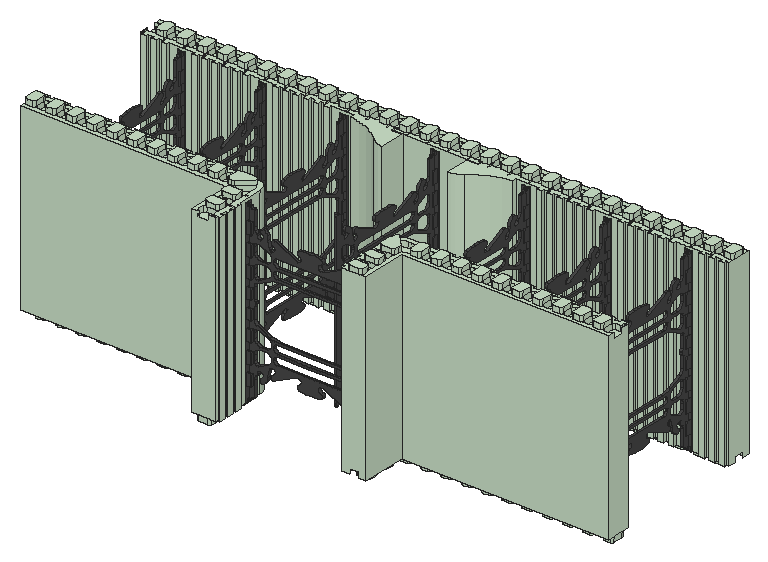
Revit family (continued)
Forms (mm)
  Extrusion 109, void
    sketch origin (-914.368, -0.023, 0) x (0, -1, 0) y (1, 0, 0)
      loop
        arc (-130.453, 639.396) -> (-128.147, 636.215) -> (-124.411, 635) r 6.35
        line (-124.411, 635) -> (-101.014, 635)
        arc (-101.014, 635) -> (-97.278, 636.215) -> (-94.972, 639.396) r 6.35
        arc (-94.972, 639.396) -> (-93.737, 645.691) -> (-94.024, 652.1) r 26.988
        arc (-94.024, 652.1) -> (-93.668, 653.385) -> (-92.457, 653.946) r 1.588
        line (-92.457, 653.946) -> (-86.829, 653.946) -> (-86.829, 658.285) -> (-95.62, 658.285)
        arc (-95.62, 658.285) -> (-96.199, 658.394) -> (-96.698, 658.708) r 1.588
        arc (-96.698, 658.708) -> (-98.696, 659.961) -> (-101.014, 660.4) r 6.35
        line (-101.014, 660.4) -> (-124.411, 660.4)
        arc (-124.411, 660.4) -> (-128.147, 659.184) -> (-130.453, 656.003) r 6.35
        arc (-130.453, 656.003) -> (-131.763, 647.7) -> (-130.453, 639.396) r 26.987
    from 0 to 12.7
  Extrusion 110, void
    sketch origin (1320.831, -0.023, 0) x (0, -1, 0) y (1, 0, 0)
      loop
        arc (-130.453, -639.396) -> (-131.763, -647.7) -> (-130.453, -656.003) r 26.987
        arc (-130.453, -656.003) -> (-128.147, -659.184) -> (-124.411, -660.4) r 6.35
        line (-124.411, -660.4) -> (-101.014, -660.4)
        arc (-101.014, -660.4) -> (-98.696, -659.961) -> (-96.698, -658.708) r 6.35
        arc (-96.698, -658.708) -> (-96.199, -658.394) -> (-95.62, -658.285) r 1.588
        line (-95.62, -658.285) -> (-86.829, -658.285) -> (-86.829, -653.946) -> (-92.457, -653.946)
        arc (-92.457, -653.946) -> (-93.668, -653.385) -> (-94.024, -652.1) r 1.588
        arc (-94.024, -652.1) -> (-93.737, -645.691) -> (-94.972, -639.396) r 26.988
        arc (-94.972, -639.396) -> (-97.278, -636.215) -> (-101.014, -635) r 6.35
        line (-101.014, -635) -> (-124.411, -635)
        arc (-124.411, -635) -> (-128.147, -636.215) -> (-130.453, -639.396) r 6.35
    from 457.2 to 444.5
  Extrusion 111, void
    sketch origin (50.832, -0.023, 0) x (0, -1, 0) y (1, 0, 0)
      loop
        arc (-130.453, 639.396) -> (-128.147, 636.215) -> (-124.411, 635) r 6.35
        line (-124.411, 635) -> (-101.014, 635)
        arc (-101.014, 635) -> (-97.278, 636.215) -> (-94.972, 639.396) r 6.35
        arc (-94.972, 639.396) -> (-93.737, 645.691) -> (-94.024, 652.1) r 26.988
        arc (-94.024, 652.1) -> (-93.668, 653.385) -> (-92.457, 653.946) r 1.588
        line (-92.457, 653.946) -> (-86.829, 653.946) -> (-86.829, 658.285) -> (-95.62, 658.285)
        arc (-95.62, 658.285) -> (-96.199, 658.394) -> (-96.698, 658.708) r 1.588
        arc (-96.698, 658.708) -> (-98.696, 659.962) -> (-101.014, 660.4) r 6.35
        line (-101.014, 660.4) -> (-124.411, 660.4)
        arc (-124.411, 660.4) -> (-128.147, 659.184) -> (-130.453, 656.003) r 6.35
        arc (-130.453, 656.003) -> (-131.763, 647.7) -> (-130.453, 639.396) r 26.987
    from 0 to 12.7
  Extrusion 112, solid, material "NUDURA Expanded Polystyrene Foam Insulation"
    sketch origin (0.032, -0.022, 0) x (1, 0, 0) y (0, 1, 0)
      loop
        line (184.15, 142.939) -> (-31.75, 142.939) -> (-31.75, 131.479) -> (-25.4, 133.18) -> (-25.4, 117.763) -> (-31.75, 119.346) -> (-31.75, 106.079) -> (-25.4, 107.78) -> (-25.4, 92.363) -> (-31.75, 93.946) -> (-31.75, 82.55) -> (184.15, 82.55) -> (184.15, 93.946) -> (177.8, 92.363) -> (177.8, 107.78) -> (184.15, 106.079) -> (184.15, 119.346) -> (177.8, 117.763) -> (177.8, 133.18) -> (184.15, 131.479) -> (184.15, 142.939)
    from 0 to 457.2
  Extrusion 113, void
    sketch origin (1371.631, -0.023, 0) x (0, -1, 0) y (1, 0, 0)
      loop
        arc (-130.453, -639.396) -> (-131.763, -647.7) -> (-130.453, -656.003) r 26.987
        arc (-130.453, -656.003) -> (-128.147, -659.184) -> (-124.411, -660.4) r 6.35
        line (-124.411, -660.4) -> (-101.014, -660.4)
        arc (-101.014, -660.4) -> (-98.696, -659.961) -> (-96.698, -658.708) r 6.35
        arc (-96.698, -658.708) -> (-96.199, -658.394) -> (-95.62, -658.285) r 1.588
        line (-95.62, -658.285) -> (-86.829, -658.285) -> (-86.829, -653.946) -> (-92.457, -653.946)
        arc (-92.457, -653.946) -> (-93.668, -653.385) -> (-94.024, -652.1) r 1.588
        arc (-94.024, -652.1) -> (-93.737, -645.691) -> (-94.972, -639.396) r 26.988
        arc (-94.972, -639.396) -> (-97.278, -636.215) -> (-101.014, -635) r 6.35
        line (-101.014, -635) -> (-124.411, -635)
        arc (-124.411, -635) -> (-128.147, -636.215) -> (-130.453, -639.396) r 6.35
    from 457.2 to 444.5
  Extrusion 114, void
    sketch origin (101.632, -0.023, 0) x (0, -1, 0) y (1, 0, 0)
      loop
        arc (-130.453, 639.396) -> (-128.147, 636.215) -> (-124.411, 635) r 6.35
        line (-124.411, 635) -> (-101.014, 635)
        arc (-101.014, 635) -> (-97.278, 636.215) -> (-94.972, 639.396) r 6.35
        arc (-94.972, 639.396) -> (-93.737, 645.691) -> (-94.024, 652.1) r 26.988
        arc (-94.024, 652.1) -> (-93.668, 653.385) -> (-92.457, 653.946) r 1.588
        line (-92.457, 653.946) -> (-86.829, 653.946) -> (-86.829, 658.285) -> (-95.62, 658.285)
        arc (-95.62, 658.285) -> (-96.199, 658.394) -> (-96.698, 658.708) r 1.588
        arc (-96.698, 658.708) -> (-98.696, 659.962) -> (-101.014, 660.4) r 6.35
        line (-101.014, 660.4) -> (-124.411, 660.4)
        arc (-124.411, 660.4) -> (-128.147, 659.184) -> (-130.453, 656.003) r 6.35
        arc (-130.453, 656.003) -> (-131.763, 647.7) -> (-130.453, 639.396) r 26.987
    from 0 to 12.7
  Extrusion 115, void
    sketch origin (1422.431, -0.023, 0) x (0, -1, 0) y (1, 0, 0)
      loop
        arc (-130.453, -639.396) -> (-131.763, -647.7) -> (-130.453, -656.003) r 26.987
        arc (-130.453, -656.003) -> (-128.147, -659.184) -> (-124.411, -660.4) r 6.35
        line (-124.411, -660.4) -> (-101.014, -660.4)
        arc (-101.014, -660.4) -> (-98.696, -659.961) -> (-96.698, -658.708) r 6.35
        arc (-96.698, -658.708) -> (-96.199, -658.394) -> (-95.62, -658.285) r 1.588
        line (-95.62, -658.285) -> (-86.829, -658.285) -> (-86.829, -653.946) -> (-92.457, -653.946)
        arc (-92.457, -653.946) -> (-93.668, -653.385) -> (-94.024, -652.1) r 1.588
        arc (-94.024, -652.1) -> (-93.737, -645.691) -> (-94.972, -639.396) r 26.988
        arc (-94.972, -639.396) -> (-97.278, -636.215) -> (-101.014, -635) r 6.35
        line (-101.014, -635) -> (-124.411, -635)
        arc (-124.411, -635) -> (-128.147, -636.215) -> (-130.453, -639.396) r 6.35
    from 457.2 to 444.5
  Extrusion 116, void
    sketch origin (152.432, -0.023, 0) x (0, -1, 0) y (1, 0, 0)
      loop
        arc (-130.453, 639.396) -> (-128.147, 636.215) -> (-124.411, 635) r 6.35
        line (-124.411, 635) -> (-101.014, 635)
        arc (-101.014, 635) -> (-97.278, 636.215) -> (-94.972, 639.396) r 6.35
        arc (-94.972, 639.396) -> (-93.737, 645.691) -> (-94.024, 652.1) r 26.988
        arc (-94.024, 652.1) -> (-93.668, 653.385) -> (-92.457, 653.946) r 1.588
        line (-92.457, 653.946) -> (-86.829, 653.946) -> (-86.829, 658.285) -> (-95.62, 658.285)
        arc (-95.62, 658.285) -> (-96.199, 658.394) -> (-96.698, 658.708) r 1.588
        arc (-96.698, 658.708) -> (-98.696, 659.962) -> (-101.014, 660.4) r 6.35
        line (-101.014, 660.4) -> (-124.411, 660.4)
        arc (-124.411, 660.4) -> (-128.147, 659.184) -> (-130.453, 656.003) r 6.35
        arc (-130.453, 656.003) -> (-131.763, 647.7) -> (-130.453, 639.396) r 26.987
    from 0 to 12.7
  Extrusion 117, void
    sketch origin (609.631, -0.023, 0) x (0, -1, 0) y (1, 0, 0)
      loop
        arc (-130.453, -639.396) -> (-131.763, -647.7) -> (-130.453, -656.003) r 26.987
        arc (-130.453, -656.003) -> (-128.147, -659.184) -> (-124.411, -660.4) r 6.35
        line (-124.411, -660.4) -> (-101.014, -660.4)
        arc (-101.014, -660.4) -> (-98.696, -659.961) -> (-96.698, -658.708) r 6.35
        arc (-96.698, -658.708) -> (-96.199, -658.394) -> (-95.62, -658.285) r 1.588
        line (-95.62, -658.285) -> (-86.829, -658.285) -> (-86.829, -653.946) -> (-92.457, -653.946)
        arc (-92.457, -653.946) -> (-93.668, -653.385) -> (-94.024, -652.1) r 1.588
        arc (-94.024, -652.1) -> (-93.737, -645.691) -> (-94.972, -639.396) r 26.988
        arc (-94.972, -639.396) -> (-97.278, -636.215) -> (-101.014, -635) r 6.35
        line (-101.014, -635) -> (-124.411, -635)
        arc (-124.411, -635) -> (-128.147, -636.215) -> (-130.453, -639.396) r 6.35
    from 457.2 to 444.5
Cuts and joins
  Extrusion 2, Extrusion 3, Extrusion 4, Extrusion 5, Extrusion 6, Extrusion 7, Extrusion 8, Extrusion 9, Extrusion 10, Extrusion 11, Extrusion 12, Extrusion 13, Extrusion 14, Extrusion 15, Extrusion 16, Extrusion 17, Extrusion 18, Extrusion 19, Extrusion 20, Extrusion 21, Extrusion 22, Extrusion 23, Extrusion 24, Extrusion 25, Extrusion 31, Extrusion 32, Extrusion 33, Extrusion 34, Extrusion 35, Extrusion 40, Extrusion 41, Extrusion 46, Extrusion 47, Extrusion 48, Extrusion 49, Extrusion 50, Extrusion 51, Extrusion 52, Extrusion 53, Extrusion 54, Extrusion 55, Extrusion 56, Extrusion 57, Extrusion 58, Extrusion 59, Extrusion 60, Extrusion 61, Extrusion 62, Extrusion 63, Extrusion 64, Extrusion 65, Extrusion 66, Extrusion 67, Extrusion 68, Extrusion 69, Extrusion 70, Extrusion 71, Extrusion 72, Extrusion 73, Extrusion 74, Extrusion 75, Extrusion 76, Extrusion 77, Extrusion 78, Extrusion 79, Extrusion 80, Extrusion 81, Extrusion 82, Extrusion 83, Extrusion 84, Extrusion 85, Extrusion 86, Extrusion 87, Extrusion 88, Extrusion 89, Extrusion 90, Extrusion 91, Extrusion 92, Extrusion 93, Extrusion 94, Extrusion 95, Extrusion 96, Extrusion 97, Extrusion 98, Extrusion 99, Extrusion 100, Extrusion 101, Extrusion 102, Extrusion 103, Extrusion 104, Extrusion 105, Extrusion 106, Extrusion 107, Extrusion 108, Extrusion 109, Extrusion 110, Extrusion 111, Extrusion 113, Extrusion 114, Extrusion 115, Extrusion 116, Extrusion 117 cuts Extrusion 1
  Extrusion 4 cuts Extrusion 43
  Extrusion 8 cuts Extrusion 44
  Extrusion 13 cuts Extrusion 42
  Extrusion 19 cuts Extrusion 45
  Extrusion 26, Extrusion 27, Extrusion 28, Extrusion 29, Extrusion 30, Extrusion 36, Extrusion 37, Extrusion 38, Extrusion 39 cuts Extrusion 112
Lines and regions (mm)
  model lines
    curve 1: line (-50.768, 142.917, 0) -> (-50.768, 142.917, 457.2)
Dimensions and locks
  aligned and locked: level to plane 2
  aligned and locked: Extrusion 1 to level
  aligned and locked: nested 40 to nested 41
  aligned and locked: nested 108 to nested 40
  aligned and locked: nested 113 to nested 110
Nested families
  nested 1: "Interlock Tooth" at (152.432, -406.422, 0) x (0, 1, 0) z (0, 0, 1), type "Interlock Tooth"
  nested 2: "Interlock Tooth" at (152.432, -355.622, 0) x (0, 1, 0) z (0, 0, 1), type "Interlock Tooth"
  nested 3: "Interlock Tooth" at (0.032, -381.022, 0) x (0, 1, 0) z (0, 0, 1), type "Interlock Tooth"
  nested 4: "Interlock Tooth" at (0.032, -330.222, 0) x (0, 1, 0) z (0, 0, 1), type "Interlock Tooth"
  nested 5: "Interlock Tooth" at (-253.968, -152.422, 0), type "Interlock Tooth"
  nested 6: "Interlock Tooth" at (-203.168, -152.422, 0), type "Interlock Tooth"
  nested 7: "Interlock Tooth" at (304.832, -152.422, 0), type "Interlock Tooth"
  nested 8: "Interlock Tooth" at (355.632, -152.422, 0), type "Interlock Tooth"
  nested 9: "Interlock Tooth" at (-228.568, -152.422, -469.9), type "Interlock Tooth"
  nested 10: "Interlock Tooth" at (-177.768, -152.422, -469.9), type "Interlock Tooth"
  nested 11: "Interlock Tooth" at (381.032, -152.422, -469.9), type "Interlock Tooth"
  nested 12: "Interlock Tooth" at (330.232, -152.422, -469.9), type "Interlock Tooth"
  nested 13: "Interlock Tooth" at (0.032, -381.022, -469.9) x (0, -1, 0) z (0, 0, 1), type "Interlock Tooth"
  nested 14: "Interlock Tooth" at (0.032, -330.222, -469.9) x (0, -1, 0) z (0, 0, 1), type "Interlock Tooth"
  nested 15: "Interlock Tooth" at (152.432, -381.022, -469.9) x (0, 1, 0) z (0, 0, 1), type "Interlock Tooth"
  nested 16: "Interlock Tooth" at (152.432, -330.222, -469.9) x (0, 1, 0) z (0, 0, 1), type "Interlock Tooth"
  nested 17: "Interlock Tooth" at (-203.168, -0.023, 0) x (-1, 0, 0) z (0, 0, 1), type "Interlock Tooth"
  nested 18: "Interlock Tooth" at (-228.568, -0.023, -469.9) x (-1, 0, 0) z (0, 0, 1), type "Interlock Tooth"
  nested 19: "Interlock Tooth" at (-152.368, -0.023, 0) x (-1, 0, 0) z (0, 0, 1), type "Interlock Tooth"
  nested 20: "Interlock Tooth" at (-177.768, -0.023, -469.9) x (-1, 0, 0) z (0, 0, 1), type "Interlock Tooth"
  nested 21: "Interlock Tooth" at (-101.568, -0.023, 0) x (-1, 0, 0) z (0, 0, 1), type "Interlock Tooth"
  nested 22: "Interlock Tooth" at (-126.968, -0.023, -469.9) x (-1, 0, 0) z (0, 0, 1), type "Interlock Tooth"
  nested 23: "Interlock Tooth" at (-50.768, -0.023, 0) x (-1, 0, 0) z (0, 0, 1), type "Interlock Tooth"
  nested 24: "Interlock Tooth" at (-76.168, -0.023, -469.9) x (-1, 0, 0) z (0, 0, 1), type "Interlock Tooth"
  nested 25: "Interlock Tooth" at (0.032, -0.023, 0) x (-1, 0, 0) z (0, 0, 1), type "Interlock Tooth"
  nested 26: "Interlock Tooth" at (-25.368, -0.023, -469.9) x (-1, 0, 0) z (0, 0, 1), type "Interlock Tooth"
  nested 27: "Interlock Tooth" at (50.832, -0.023, 0) x (-1, 0, 0) z (0, 0, 1), type "Interlock Tooth"
  nested 28: "Interlock Tooth" at (25.432, -0.023, -469.9) x (-1, 0, 0) z (0, 0, 1), type "Interlock Tooth"
  nested 29: "Interlock Tooth" at (101.632, -0.023, 0) x (-1, 0, 0) z (0, 0, 1), type "Interlock Tooth"
  nested 30: "Interlock Tooth" at (76.232, -0.023, -469.9) x (-1, 0, 0) z (0, 0, 1), type "Interlock Tooth"
  nested 31: "Interlock Tooth" at (152.432, -0.023, 0) x (-1, 0, 0) z (0, 0, 1), type "Interlock Tooth"
  nested 32: "Interlock Tooth" at (127.032, -0.023, -469.9) x (-1, 0, 0) z (0, 0, 1), type "Interlock Tooth"
  nested 33: "Interlock Tooth" at (203.232, -0.023, 0) x (-1, 0, 0) z (0, 0, 1), type "Interlock Tooth"
  nested 34: "Interlock Tooth" at (177.832, -0.023, -469.9) x (-1, 0, 0) z (0, 0, 1), type "Interlock Tooth"
  nested 35: "Interlock Tooth" at (254.032, -0.023, 0) x (-1, 0, 0) z (0, 0, 1), type "Interlock Tooth"
  nested 36: "Interlock Tooth" at (228.632, -0.023, -469.9) x (-1, 0, 0) z (0, 0, 1), type "Interlock Tooth"
  nested 37: "NUDURA Diamond Pattern Missing Two Lines" at (-285.718, -406.422, 0) x (0, 1, 0) z (0, 0, 1), type "NUDURA Diamond Pattern minus Two lines"
  nested 38: "NUDURA Diamond Pattern Missing Two Lines" at (-253.968, -152.422, 0), type "NUDURA Diamond Pattern minus Two lines"
  nested 39: "NUDURA Diamond Pattern Missing Two Lines" at (152.432, -406.422, 0) x (0, 1, 0) z (0, 0, 1), type "NUDURA Diamond Pattern minus Two lines"
  nested 40: "NUDURA Logo Diamond" at (609.567, 142.917, 0) x (-1, 0, 0) z (0, 0, 1), type "NUDURA Logo Diamond"
  nested 41: "NUDURA Logo Diamond" at (152.367, 142.917, 0) x (-1, 0, 0) z (0, 0, 1), type "NUDURA Logo Diamond"
  nested 42: "Interlock Tooth" at (-406.368, -0.023, 0) x (-1, 0, 0) z (0, 0, 1), type "Interlock Tooth"
  nested 43: "Interlock Tooth" at (-355.568, -0.023, 0) x (-1, 0, 0) z (0, 0, 1), type "Interlock Tooth"
  nested 44: "Interlock Tooth" at (-304.768, -0.023, 0) x (-1, 0, 0) z (0, 0, 1), type "Interlock Tooth"
  nested 45: "Interlock Tooth" at (-253.968, -0.023, 0) x (-1, 0, 0) z (0, 0, 1), type "Interlock Tooth"
  nested 46: "Interlock Tooth" at (-457.168, -0.023, 0) x (-1, 0, 0) z (0, 0, 1), type "Interlock Tooth"
  nested 47: "Interlock Tooth" at (-609.568, -0.023, 0) x (-1, 0, 0) z (0, 0, 1), type "Interlock Tooth"
  nested 48: "Interlock Tooth" at (-558.768, -0.023, 0) x (-1, 0, 0) z (0, 0, 1), type "Interlock Tooth"
  nested 49: "Interlock Tooth" at (-507.968, -0.023, 0) x (-1, 0, 0) z (0, 0, 1), type "Interlock Tooth"
  nested 50: "Interlock Tooth" at (-355.568, -152.422, 0), type "Interlock Tooth"
  nested 51: "Interlock Tooth" at (-304.768, -152.422, 0), type "Interlock Tooth"
  nested 52: "Interlock Tooth" at (-457.168, -152.422, 0), type "Interlock Tooth"
  nested 53: "Interlock Tooth" at (-406.368, -152.422, 0), type "Interlock Tooth"
  nested 54: "Interlock Tooth" at (-558.768, -152.422, 0), type "Interlock Tooth"
  nested 55: "Interlock Tooth" at (-507.968, -152.422, 0), type "Interlock Tooth"
  nested 56: "Interlock Tooth" at (-660.368, -152.422, 0), type "Interlock Tooth"
  nested 57: "Interlock Tooth" at (-609.568, -152.422, 0), type "Interlock Tooth"
  nested 58: "Interlock Tooth" at (406.432, -152.422, 0), type "Interlock Tooth"
  nested 59: "Interlock Tooth" at (457.232, -152.422, 0), type "Interlock Tooth"
  nested 60: "Interlock Tooth" at (508.032, -152.422, 0), type "Interlock Tooth"
  nested 61: "Interlock Tooth" at (558.832, -152.422, 0), type "Interlock Tooth"
  nested 62: "Interlock Tooth" at (609.632, -152.422, 0), type "Interlock Tooth"
  nested 63: "Interlock Tooth" at (660.432, -152.422, 0), type "Interlock Tooth"
  nested 64: "Interlock Tooth" at (711.232, -152.422, 0), type "Interlock Tooth"
  nested 65: "Interlock Tooth" at (762.032, -152.422, 0), type "Interlock Tooth"
  nested 66: "Interlock Tooth" at (355.632, -0.023, 0) x (-1, 0, 0) z (0, 0, 1), type "Interlock Tooth"
  nested 67: "Interlock Tooth" at (406.432, -0.023, 0) x (-1, 0, 0) z (0, 0, 1), type "Interlock Tooth"
  nested 68: "Interlock Tooth" at (457.232, -0.023, 0) x (-1, 0, 0) z (0, 0, 1), type "Interlock Tooth"
  nested 69: "Interlock Tooth" at (508.032, -0.023, 0) x (-1, 0, 0) z (0, 0, 1), type "Interlock Tooth"
  nested 70: "Interlock Tooth" at (558.832, -0.023, 0) x (-1, 0, 0) z (0, 0, 1), type "Interlock Tooth"
  nested 71: "Interlock Tooth" at (609.632, -0.023, 0) x (-1, 0, 0) z (0, 0, 1), type "Interlock Tooth"
  nested 72: "Interlock Tooth" at (660.432, -0.023, 0) x (-1, 0, 0) z (0, 0, 1), type "Interlock Tooth"
  nested 73: "Interlock Tooth" at (304.832, -0.023, 0) x (-1, 0, 0) z (0, 0, 1), type "Interlock Tooth"
  nested 74: "Interlock Tooth" at (-330.168, -152.422, -469.9), type "Interlock Tooth"
  nested 75: "Interlock Tooth" at (-279.368, -152.422, -469.9), type "Interlock Tooth"
  nested 76: "Interlock Tooth" at (-431.768, -152.422, -469.9), type "Interlock Tooth"
  nested 77: "Interlock Tooth" at (-380.968, -152.422, -469.9), type "Interlock Tooth"
  nested 78: "Interlock Tooth" at (-533.368, -152.422, -469.9), type "Interlock Tooth"
  nested 79: "Interlock Tooth" at (-482.568, -152.422, -469.9), type "Interlock Tooth"
  nested 80: "Interlock Tooth" at (-634.968, -152.422, -469.9), type "Interlock Tooth"
  nested 81: "Interlock Tooth" at (-584.168, -152.422, -469.9), type "Interlock Tooth"
  nested 82: "Interlock Tooth" at (482.632, -152.422, -469.9), type "Interlock Tooth"
  nested 83: "Interlock Tooth" at (431.832, -152.422, -469.9), type "Interlock Tooth"
  nested 84: "Interlock Tooth" at (584.232, -152.422, -469.9), type "Interlock Tooth"
  nested 85: "Interlock Tooth" at (533.432, -152.422, -469.9), type "Interlock Tooth"
  nested 86: "Interlock Tooth" at (685.832, -152.422, -469.9), type "Interlock Tooth"
  nested 87: "Interlock Tooth" at (635.032, -152.422, -469.9), type "Interlock Tooth"
  nested 88: "Interlock Tooth" at (787.432, -152.422, -469.9), type "Interlock Tooth"
  nested 89: "Interlock Tooth" at (736.632, -152.422, -469.9), type "Interlock Tooth"
  nested 90: "Interlock Tooth" at (279.432, -0.023, -469.9) x (-1, 0, 0) z (0, 0, 1), type "Interlock Tooth"
  nested 91: "Interlock Tooth" at (330.232, -0.023, -469.9) x (-1, 0, 0) z (0, 0, 1), type "Interlock Tooth"
  nested 92: "Interlock Tooth" at (381.032, -0.023, -469.9) x (-1, 0, 0) z (0, 0, 1), type "Interlock Tooth"
  nested 93: "Interlock Tooth" at (431.832, -0.023, -469.9) x (-1, 0, 0) z (0, 0, 1), type "Interlock Tooth"
  nested 94: "Interlock Tooth" at (482.632, -0.023, -469.9) x (-1, 0, 0) z (0, 0, 1), type "Interlock Tooth"
  nested 95: "Interlock Tooth" at (533.432, -0.023, -469.9) x (-1, 0, 0) z (0, 0, 1), type "Interlock Tooth"
  nested 96: "Interlock Tooth" at (584.232, -0.023, -469.9) x (-1, 0, 0) z (0, 0, 1), type "Interlock Tooth"
  nested 97: "Interlock Tooth" at (635.032, -0.023, -469.9) x (-1, 0, 0) z (0, 0, 1), type "Interlock Tooth"
  nested 98: "Interlock Tooth" at (-634.968, -0.023, -469.9) x (-1, 0, 0) z (0, 0, 1), type "Interlock Tooth"
  nested 99: "Interlock Tooth" at (-584.168, -0.023, -469.9) x (-1, 0, 0) z (0, 0, 1), type "Interlock Tooth"
  nested 100: "Interlock Tooth" at (-533.368, -0.023, -469.9) x (-1, 0, 0) z (0, 0, 1), type "Interlock Tooth"
  nested 101: "Interlock Tooth" at (-482.568, -0.023, -469.9) x (-1, 0, 0) z (0, 0, 1), type "Interlock Tooth"
  nested 102: "Interlock Tooth" at (-431.768, -0.023, -469.9) x (-1, 0, 0) z (0, 0, 1), type "Interlock Tooth"
  nested 103: "Interlock Tooth" at (-380.968, -0.023, -469.9) x (-1, 0, 0) z (0, 0, 1), type "Interlock Tooth"
  nested 104: "Interlock Tooth" at (-330.168, -0.023, -469.9) x (-1, 0, 0) z (0, 0, 1), type "Interlock Tooth"
  nested 105: "Interlock Tooth" at (-279.368, -0.023, -469.9) x (-1, 0, 0) z (0, 0, 1), type "Interlock Tooth"
  nested 106: "NUDURA Diamond Pattern" at (-660.368, 285.792, 0), type "NUDURA Diamond Pattern"
  nested 107: "NUDURA Diamond Pattern" at (-457.168, 285.792, 0), type "NUDURA Diamond Pattern"
  nested 108: "NUDURA Diamond Pattern" at (609.632, 0.042, 0) x (-1, 0, 0) z (0, 0, 1), type "NUDURA Diamond Pattern"
  nested 109: "NUDURA Diamond Pattern" at (812.832, 0.042, 0) x (-1, 0, 0) z (0, 0, 1), type "NUDURA Diamond Pattern"
  nested 110: "NUDURA Logo Diamond" at (406.497, -295.232, 0), type "NUDURA Logo Diamond"
  nested 111: "NUDURA Logo Diamond" at (-863.503, -295.232, 0), type "NUDURA Logo Diamond"
  nested 112: "NUDURA Diamond Pattern" at (-457.168, -152.357, 0), type "NUDURA Diamond Pattern"
  nested 113: "NUDURA Diamond Pattern" at (406.432, -152.357, 0), type "NUDURA Diamond Pattern"
  nested 114: "NUDURA Diamond Pattern Missing Left Line" at (203.232, -152.357, 0), type "NUDURA Diamond Pattern missing left line"
  nested 115: "Interlock Tooth" at (711.232, -0.023, 0) x (-1, 0, 0) z (0, 0, 1), type "Interlock Tooth"
  nested 116: "Interlock Tooth" at (685.832, -0.023, -469.9) x (-1, 0, 0) z (0, 0, 1), type "Interlock Tooth"
  nested 117: "Interlock Tooth" at (762.032, -0.023, 0) x (-1, 0, 0) z (0, 0, 1), type "Interlock Tooth"
  nested 118: "Interlock Tooth" at (736.632, -0.023, -469.9) x (-1, 0, 0) z (0, 0, 1), type "Interlock Tooth"
  nested 119: "NUDURA Diamond Pattern" at (177.832, 0.042, 0) x (-1, 0, 0) z (0, 0, 1), type "NUDURA Diamond Pattern"
  nested 120: "Interlock Tooth" at (812.832, -0.023, 0) x (-1, 0, 0) z (0, 0, 1), type "Interlock Tooth"
  nested 121: "Interlock Tooth" at (787.432, -0.023, -469.9) x (-1, 0, 0) z (0, 0, 1), type "Interlock Tooth"
  nested 122: "12-inch Insert Web w One Fastening Strip" at (76.232, -76.222, 0) x (-1, 0, 0) z (0, 0, 1), type "12-inch Insert Web w One Fastening Strip"
  nested 123: "12-inch Insert Web" at (-558.768, -76.222, 0), type "12-inch Insert Web"
  nested 124: "12-inch Insert Web" at (-355.568, -76.222, 0), type "12-inch Insert Web"
  nested 125: "12-inch Insert Web" at (304.832, -76.222, 0), type "12-inch Insert Web"
  nested 126: "12-inch Insert Web" at (508.032, -76.222, 0), type "12-inch Insert Web"
  nested 127: "12-inch Insert Web" at (711.232, -76.222, 0), type "12-inch Insert Web"
  nested 128: "12-inch Insert Web" at (76.232, -304.822, 0) x (0, 1, 0) z (0, 0, 1), type "12-inch Insert Web"
  nested 129: "12-inch Insert Web" at (-152.368, -76.222, 0) x (-1, 0, 0) z (0, 0, 1), type "12-inch Insert Web"
Definition of nested family "Interlock Tooth"
  Reference planes
    plane 1 "Center (Front/Back)": y = 0
    plane 2: z = 0
    plane 3 "Center (Left/Right)": x = 0
    plane 4: z = 457.2
    plane 5: z = 469.9
    plane 6: z = -12.7
  Forms (mm)
    Extrusion 1, solid, material "NUDURA Expanded Polystyrene Foam Insulation"
      sketch origin (0, -225.425, 0) x (1, 0, 0) y (0, 1, 0)
        loop
          arc (0, 101.014) -> (1.215, 97.278) -> (4.396, 94.972) r 6.35
          arc (4.396, 94.972) -> (12.7, 93.663) -> (21.004, 94.972) r 26.988
          arc (21.004, 94.972) -> (24.185, 97.278) -> (25.4, 101.014) r 6.35
          line (25.4, 101.014) -> (25.4, 124.411)
          arc (25.4, 124.411) -> (24.185, 128.147) -> (21.004, 130.453) r 6.35
          arc (21.004, 130.453) -> (12.7, 131.763) -> (4.396, 130.453) r 26.987
          arc (4.396, 130.453) -> (1.215, 128.147) -> (0, 124.411) r 6.35
          line (0, 124.411) -> (0, 101.014)
      from 457.2 to 469.9
  Dimensions and locks
    locked: plane 4 to level at 457.2
    locked: plane 4 to plane 5 at 12.7
    locked: plane 6 to level at 12.7
Definition of nested family "12-inch Insert Web w One Fastening Strip"
  Reference planes
    plane 1 "Center (Front/Back)": y = 0
    plane 2: z = 0
    plane 3 "Center (Left/Right)": x = 0
  Forms (mm)
    Extrusion 1, solid, material "High Density Polystyrene"
      sketch origin (0, 0, 0) x (0, 1, 0) y (0, 0, 1)
        loop
          arc (-158.75, 0) -> (-158.017, 0.502) -> (-157.734, 1.344) r 1.397
          line (-157.734, 1.344) -> (-157.734, 449.4)
          arc (-157.734, 449.4) -> (-158.017, 450.243) -> (-158.75, 450.744) r 1.397
          line (-158.75, 450.744) -> (-158.75, 0)
      from 9.227 to -9.227
    Extrusion 2, solid, material "High Density Polystyrene"
      sketch origin (0, 0, 0) x (0, 1, 0) y (0, 0, 1)
        loop
          line (-155.586, 446.33) -> (-157.342, 447.306)
          arc (-157.342, 447.306) -> (-157.629, 447.585) -> (-157.734, 447.972) r 0.762
          line (-157.734, 447.972) -> (-157.734, 441.652)
          arc (-157.734, 441.652) -> (-157.575, 442.021) -> (-157.198, 442.16) r 0.508
          line (-157.198, 442.16) -> (-155.73, 442.078)
          arc (-155.73, 442.078) -> (-155.353, 442.216) -> (-155.194, 442.585) r 0.508
          line (-155.194, 442.585) -> (-155.194, 445.664)
          arc (-155.194, 445.664) -> (-155.299, 446.05) -> (-155.586, 446.33) r 0.762
        loop
          arc (-155.586, 4.414) -> (-155.299, 4.694) -> (-155.194, 5.08) r 0.762
          line (-155.194, 5.08) -> (-155.194, 8.159)
          arc (-155.194, 8.159) -> (-155.353, 8.528) -> (-155.73, 8.666) r 0.508
          line (-155.73, 8.666) -> (-157.198, 8.585)
          arc (-157.198, 8.585) -> (-157.575, 8.723) -> (-157.734, 9.092) r 0.508
          line (-157.734, 9.092) -> (-157.734, 2.772)
          arc (-157.734, 2.772) -> (-157.629, 3.159) -> (-157.342, 3.439) r 0.762
          line (-157.342, 3.439) -> (-155.586, 4.414)
        loop
          line (152.4, 437.076) -> (150.495, 442.918)
          arc (150.495, 442.918) -> (149.225, 443.68) -> (147.955, 442.918) r 1.439
          line (147.955, 442.918) -> (146.713, 439.108) -> (143.483, 439.108)
          arc (143.483, 439.108) -> (142.604, 438.744) -> (142.24, 437.865) r 1.243
          line (142.24, 437.865) -> (142.24, 437.076) -> (139.7, 437.076) -> (139.7, 400.201)
          arc (139.7, 400.201) -> (137.944, 393.421) -> (133.118, 388.345) r 13.97
          arc (133.118, 388.345) -> (131.885, 386.915) -> (131.681, 385.039) r 3.175
          arc (131.681, 385.039) -> (120.376, 376.743) -> (121.202, 390.741) r 7.747
          arc (121.202, 390.741) -> (124.314, 398.005) -> (117.05, 401.117) r 5.588
          arc (117.05, 401.117) -> (108.059, 393.619) -> (105.199, 382.266) r 18.923
          arc (105.199, 382.266) -> (104.091, 371.727) -> (100.821, 361.646) r 50.8
          arc (100.821, 361.646) -> (88.144, 361.552) -> (92.35, 373.51) r 7.747
          arc (92.35, 373.51) -> (96.234, 381.929) -> (87.311, 384.447) r 6.096
          line (87.311, 384.447) -> (33.279, 359.063)
          arc (33.279, 359.063) -> (22.267, 362.762) -> (27.306, 373.229) r 7.747
          arc (27.306, 373.229) -> (31.748, 378.927) -> (27.631, 384.864) r 6.096
          arc (27.631, 384.864) -> (19.507, 386.918) -> (11.157, 387.609) r 50.8
          line (11.157, 387.609) -> (0, 387.609) -> (-11.157, 387.609)
          arc (-11.157, 387.609) -> (-19.507, 386.918) -> (-27.631, 384.864) r 50.8
          arc (-27.631, 384.864) -> (-31.748, 378.927) -> (-27.306, 373.229) r 6.096
          arc (-27.306, 373.229) -> (-22.267, 362.762) -> (-33.279, 359.063) r 7.747
          line (-33.279, 359.063) -> (-87.311, 384.447)
          arc (-87.311, 384.447) -> (-96.234, 381.929) -> (-92.35, 373.51) r 6.096
          arc (-92.35, 373.51) -> (-88.144, 361.552) -> (-100.821, 361.646) r 7.747
          arc (-100.821, 361.646) -> (-104.091, 371.727) -> (-105.199, 382.266) r 50.8
          arc (-105.199, 382.266) -> (-108.059, 393.619) -> (-117.05, 401.117) r 18.923
          arc (-117.05, 401.117) -> (-124.314, 398.005) -> (-121.202, 390.741) r 5.588
          arc (-121.202, 390.741) -> (-120.376, 376.743) -> (-131.681, 385.039) r 7.747
          arc (-131.681, 385.039) -> (-131.885, 386.915) -> (-133.118, 388.345) r 3.175
          arc (-133.118, 388.345) -> (-137.944, 393.421) -> (-139.7, 400.201) r 13.97
          line (-139.7, 400.201) -> (-139.7, 437.076) -> (-142.24, 437.076) -> (-142.24, 437.865)
          arc (-142.24, 437.865) -> (-142.604, 438.744) -> (-143.483, 439.108) r 1.243
          line (-143.483, 439.108) -> (-146.713, 439.108) -> (-147.955, 442.918)
          arc (-147.955, 442.918) -> (-149.225, 443.68) -> (-150.495, 442.918) r 1.439
          line (-150.495, 442.918) -> (-152.4, 437.076) -> (-152.4, 16.896) -> (-150.495, 11.054)
          arc (-150.495, 11.054) -> (-149.225, 10.292) -> (-147.955, 11.054) r 1.439
          line (-147.955, 11.054) -> (-146.713, 14.864) -> (-143.483, 14.864)
          arc (-143.483, 14.864) -> (-142.604, 15.228) -> (-142.24, 16.107) r 1.243
          line (-142.24, 16.107) -> (-142.24, 16.896) -> (-139.7, 16.896) -> (-139.7, 56.999)
          arc (-139.7, 56.999) -> (-137.944, 63.779) -> (-133.118, 68.855) r 13.97
          arc (-133.118, 68.855) -> (-131.885, 70.285) -> (-131.681, 72.161) r 3.175
          arc (-131.681, 72.161) -> (-120.376, 80.457) -> (-121.202, 66.459) r 7.747
          arc (-121.202, 66.459) -> (-124.314, 59.195) -> (-117.05, 56.083) r 5.588
          arc (-117.05, 56.083) -> (-108.059, 63.581) -> (-105.199, 74.934) r 18.923
          arc (-105.199, 74.934) -> (-104.091, 85.473) -> (-100.821, 95.554) r 50.8
          arc (-100.821, 95.554) -> (-88.144, 95.648) -> (-92.35, 83.69) r 7.747
          arc (-92.35, 83.69) -> (-96.234, 75.271) -> (-87.311, 72.753) r 6.096
          line (-87.311, 72.753) -> (-33.279, 98.137)
          arc (-33.279, 98.137) -> (-22.267, 94.438) -> (-27.306, 83.971) r 7.747
          arc (-27.306, 83.971) -> (-31.748, 78.273) -> (-27.631, 72.336) r 6.096
          arc (-27.631, 72.336) -> (-19.507, 70.282) -> (-11.157, 69.591) r 50.8
          line (-11.157, 69.591) -> (0, 69.591) -> (11.157, 69.591)
          arc (11.157, 69.591) -> (19.507, 70.282) -> (27.631, 72.336) r 50.8
          arc (27.631, 72.336) -> (31.748, 78.273) -> (27.306, 83.971) r 6.096
          arc (27.306, 83.971) -> (22.267, 94.438) -> (33.279, 98.137) r 7.747
          line (33.279, 98.137) -> (87.311, 72.753)
          arc (87.311, 72.753) -> (96.234, 75.271) -> (92.35, 83.69) r 6.096
          arc (92.35, 83.69) -> (88.144, 95.648) -> (100.821, 95.554) r 7.747
          arc (100.821, 95.554) -> (104.091, 85.473) -> (105.199, 74.934) r 50.8
          arc (105.199, 74.934) -> (108.059, 63.581) -> (117.05, 56.083) r 18.923
          arc (117.05, 56.083) -> (124.314, 59.195) -> (121.202, 66.459) r 5.588
          arc (121.202, 66.459) -> (120.376, 80.457) -> (131.681, 72.161) r 7.747
          arc (131.681, 72.161) -> (131.885, 70.285) -> (133.118, 68.855) r 3.175
          arc (133.118, 68.855) -> (137.944, 63.779) -> (139.7, 56.999) r 13.97
          line (139.7, 56.999) -> (139.7, 16.896) -> (142.24, 16.896) -> (142.24, 16.107)
          arc (142.24, 16.107) -> (142.604, 15.228) -> (143.483, 14.864) r 1.243
          line (143.483, 14.864) -> (146.713, 14.864) -> (147.955, 11.054)
          arc (147.955, 11.054) -> (149.225, 10.292) -> (150.495, 11.054) r 1.439
          line (150.495, 11.054) -> (152.4, 16.896) -> (152.4, 437.076)
        loop
          arc (76.789, 109.017) -> (80.328, 108.908) -> (83.853, 108.579) r 57.15
          arc (83.853, 108.579) -> (88.43, 112.104) -> (91.44, 117.034) r 15.855
          line (91.44, 117.034) -> (91.44, 120.234)
          arc (91.44, 120.234) -> (87.76, 126.064) -> (81.935, 129.752) r 15.684
          line (81.935, 129.752) -> (0, 129.752) -> (-81.935, 129.752)
          arc (-81.935, 129.752) -> (-87.76, 126.064) -> (-91.44, 120.234) r 15.684
          line (-91.44, 120.234) -> (-91.44, 117.034)
          arc (-91.44, 117.034) -> (-88.43, 112.104) -> (-83.853, 108.579) r 15.855
          arc (-83.853, 108.579) -> (-80.328, 108.908) -> (-76.789, 109.017) r 57.15
          line (-76.789, 109.017) -> (0, 109.017) -> (76.789, 109.017)
        loop
          line (103.837, 102.318) -> (126.138, 91.881)
          arc (126.138, 91.881) -> (135.287, 92.471) -> (139.7, 100.508) r 9.525
          line (139.7, 100.508) -> (139.7, 113.887)
          arc (139.7, 113.887) -> (135.05, 125.112) -> (123.825, 129.762) r 15.875
          line (123.825, 129.762) -> (109.22, 129.762)
          arc (109.22, 129.762) -> (100.24, 126.042) -> (96.52, 117.062) r 12.7
          line (96.52, 117.062) -> (96.52, 113.82)
          arc (96.52, 113.82) -> (98.504, 107.004) -> (103.837, 102.318) r 12.7
        loop
          line (139.7, 150.209) -> (139.7, 163.588)
          arc (139.7, 163.588) -> (135.287, 171.625) -> (126.138, 172.215) r 9.525
          line (126.138, 172.215) -> (103.837, 161.778)
          arc (103.837, 161.778) -> (98.504, 157.092) -> (96.52, 150.275) r 12.7
          line (96.52, 150.275) -> (96.52, 147.034)
          arc (96.52, 147.034) -> (100.24, 138.054) -> (109.22, 134.334) r 12.7
          line (109.22, 134.334) -> (123.825, 134.334)
          arc (123.825, 134.334) -> (135.05, 138.984) -> (139.7, 150.209) r 15.875
        loop
          arc (83.851, 155.504) -> (80.337, 155.178) -> (76.81, 155.069) r 57.15
          line (76.81, 155.069) -> (0, 155.069) -> (-76.81, 155.069)
          arc (-76.81, 155.069) -> (-80.337, 155.178) -> (-83.851, 155.504) r 57.15
          arc (-83.851, 155.504) -> (-88.429, 151.979) -> (-91.44, 147.048) r 15.855
          line (-91.44, 147.048) -> (-91.44, 143.849)
          arc (-91.44, 143.849) -> (-87.752, 138.012) -> (-81.915, 134.324) r 15.684
          line (-81.915, 134.324) -> (0, 134.324) -> (81.915, 134.324)
          arc (81.915, 134.324) -> (87.752, 138.012) -> (91.44, 143.849) r 15.684
          line (91.44, 143.849) -> (91.44, 147.048)
          arc (91.44, 147.048) -> (88.429, 151.979) -> (83.851, 155.504) r 15.855
        loop
          arc (-103.837, 102.318) -> (-98.504, 107.004) -> (-96.52, 113.82) r 12.7
          line (-96.52, 113.82) -> (-96.52, 117.062)
          arc (-96.52, 117.062) -> (-100.24, 126.042) -> (-109.22, 129.762) r 12.7
          line (-109.22, 129.762) -> (-123.825, 129.762)
          arc (-123.825, 129.762) -> (-135.05, 125.112) -> (-139.7, 113.887) r 15.875
          line (-139.7, 113.887) -> (-139.7, 100.508)
          arc (-139.7, 100.508) -> (-135.287, 92.471) -> (-126.138, 91.881) r 9.525
          line (-126.138, 91.881) -> (-103.837, 102.318)
        loop
          arc (-139.7, 150.209) -> (-135.05, 138.984) -> (-123.825, 134.334) r 15.875
          line (-123.825, 134.334) -> (-109.22, 134.334)
          arc (-109.22, 134.334) -> (-100.24, 138.054) -> (-96.52, 147.034) r 12.7
          line (-96.52, 147.034) -> (-96.52, 150.275)
          arc (-96.52, 150.275) -> (-98.504, 157.092) -> (-103.837, 161.778) r 12.7
          line (-103.837, 161.778) -> (-126.138, 172.215)
          arc (-126.138, 172.215) -> (-135.287, 171.625) -> (-139.7, 163.588) r 9.525
          line (-139.7, 163.588) -> (-139.7, 150.209)
        loop
          line (139.7, 191.688) -> (139.7, 220.666) -> (136.652, 225.746) -> (136.652, 228.6) -> (136.652, 231.454) -> (139.7, 236.534) -> (139.7, 265.512)
          arc (139.7, 265.512) -> (137.716, 272.328) -> (132.383, 277.014) r 12.7
          line (132.383, 277.014) -> (100.425, 291.971)
          arc (100.425, 291.971) -> (88.608, 295.996) -> (76.2, 297.359) r 57.15
          line (76.2, 297.359) -> (0, 297.359) -> (-76.2, 297.359)
          arc (-76.2, 297.359) -> (-88.608, 295.996) -> (-100.425, 291.971) r 57.15
          line (-100.425, 291.971) -> (-132.383, 277.014)
          arc (-132.383, 277.014) -> (-137.716, 272.328) -> (-139.7, 265.512) r 12.7
          line (-139.7, 265.512) -> (-139.7, 236.534) -> (-136.652, 231.454) -> (-136.652, 228.6) -> (-136.652, 225.746) -> (-139.7, 220.666) -> (-139.7, 191.688)
          arc (-139.7, 191.688) -> (-137.716, 184.872) -> (-132.383, 180.186) r 12.7
          line (-132.383, 180.186) -> (-100.425, 165.229)
          arc (-100.425, 165.229) -> (-88.608, 161.204) -> (-76.2, 159.841) r 57.15
          line (-76.2, 159.841) -> (0, 159.841) -> (76.2, 159.841)
          arc (76.2, 159.841) -> (88.608, 161.204) -> (100.425, 165.229) r 57.15
          line (100.425, 165.229) -> (132.383, 180.186)
          arc (132.383, 180.186) -> (137.716, 184.872) -> (139.7, 191.688) r 12.7
        loop
          line (76.789, 348.183) -> (0, 348.183) -> (-76.789, 348.183)
          arc (-76.789, 348.183) -> (-80.328, 348.292) -> (-83.853, 348.621) r 57.15
          arc (-83.853, 348.621) -> (-88.43, 345.096) -> (-91.44, 340.166) r 15.855
          line (-91.44, 340.166) -> (-91.44, 336.966)
          arc (-91.44, 336.966) -> (-87.76, 331.136) -> (-81.935, 327.448) r 15.684
          line (-81.935, 327.448) -> (0, 327.448) -> (81.935, 327.448)
          arc (81.935, 327.448) -> (87.76, 331.136) -> (91.44, 336.966) r 15.684
          line (91.44, 336.966) -> (91.44, 340.166)
          arc (91.44, 340.166) -> (88.43, 345.096) -> (83.853, 348.621) r 15.855
          arc (83.853, 348.621) -> (80.328, 348.292) -> (76.789, 348.183) r 57.15
        loop
          arc (103.837, 354.882) -> (98.504, 350.196) -> (96.52, 343.38) r 12.7
          line (96.52, 343.38) -> (96.52, 340.138)
          arc (96.52, 340.138) -> (100.24, 331.158) -> (109.22, 327.438) r 12.7
          line (109.22, 327.438) -> (123.825, 327.438)
          arc (123.825, 327.438) -> (135.05, 332.088) -> (139.7, 343.313) r 15.875
          line (139.7, 343.313) -> (139.7, 356.692)
          arc (139.7, 356.692) -> (135.287, 364.729) -> (126.138, 365.319) r 9.525
          line (126.138, 365.319) -> (103.837, 354.882)
        loop
          arc (139.7, 306.991) -> (135.05, 318.216) -> (123.825, 322.866) r 15.875
          line (123.825, 322.866) -> (109.22, 322.866)
          arc (109.22, 322.866) -> (100.24, 319.146) -> (96.52, 310.166) r 12.7
          line (96.52, 310.166) -> (96.52, 306.925)
          arc (96.52, 306.925) -> (98.504, 300.108) -> (103.837, 295.422) r 12.7
          line (103.837, 295.422) -> (126.138, 284.985)
          arc (126.138, 284.985) -> (135.287, 285.575) -> (139.7, 293.612) r 9.525
          line (139.7, 293.612) -> (139.7, 306.991)
        loop
          arc (83.851, 301.696) -> (88.429, 305.221) -> (91.44, 310.152) r 15.855
          line (91.44, 310.152) -> (91.44, 313.351)
          arc (91.44, 313.351) -> (87.752, 319.188) -> (81.915, 322.876) r 15.684
          line (81.915, 322.876) -> (0, 322.876) -> (-81.915, 322.876)
          arc (-81.915, 322.876) -> (-87.752, 319.188) -> (-91.44, 313.351) r 15.684
          line (-91.44, 313.351) -> (-91.44, 310.152)
          arc (-91.44, 310.152) -> (-88.429, 305.221) -> (-83.851, 301.696) r 15.855
          arc (-83.851, 301.696) -> (-80.337, 302.022) -> (-76.81, 302.131) r 57.15
          line (-76.81, 302.131) -> (0, 302.131) -> (76.81, 302.131)
          arc (76.81, 302.131) -> (80.337, 302.022) -> (83.851, 301.696) r 57.15
        loop
          line (-103.837, 354.882) -> (-126.138, 365.319)
          arc (-126.138, 365.319) -> (-135.287, 364.729) -> (-139.7, 356.692) r 9.525
          line (-139.7, 356.692) -> (-139.7, 343.313)
          arc (-139.7, 343.313) -> (-135.05, 332.088) -> (-123.825, 327.438) r 15.875
          line (-123.825, 327.438) -> (-109.22, 327.438)
          arc (-109.22, 327.438) -> (-100.24, 331.158) -> (-96.52, 340.138) r 12.7
          line (-96.52, 340.138) -> (-96.52, 343.38)
          arc (-96.52, 343.38) -> (-98.504, 350.196) -> (-103.837, 354.882) r 12.7
        loop
          line (-139.7, 306.991) -> (-139.7, 293.612)
          arc (-139.7, 293.612) -> (-135.287, 285.575) -> (-126.138, 284.985) r 9.525
          line (-126.138, 284.985) -> (-103.837, 295.422)
          arc (-103.837, 295.422) -> (-98.504, 300.108) -> (-96.52, 306.925) r 12.7
          line (-96.52, 306.925) -> (-96.52, 310.166)
          arc (-96.52, 310.166) -> (-100.24, 319.146) -> (-109.22, 322.866) r 12.7
          line (-109.22, 322.866) -> (-123.825, 322.866)
          arc (-123.825, 322.866) -> (-135.05, 318.216) -> (-139.7, 306.991) r 15.875
      from 3.175 to -3.175
    Extrusion 3, solid, material "High Density Polystyrene"
      sketch origin (0, 0, 0) x (0, 1, 0) y (0, 0, 1)
        loop
          line (-157.734, 410.919) -> (-157.734, 380.439) -> (-145.034, 380.439) -> (-145.034, 410.919) -> (-157.734, 410.919)
        loop
          line (-157.734, 361.389) -> (-157.734, 330.909) -> (-145.034, 330.909) -> (-145.034, 361.389) -> (-157.734, 361.389)
        loop
          line (-157.734, 311.859) -> (-157.734, 281.379) -> (-145.034, 281.379) -> (-145.034, 311.859) -> (-157.734, 311.859)
        loop
          line (-157.734, 262.329) -> (-157.734, 234.897) -> (-145.034, 234.897) -> (-145.034, 262.329) -> (-157.734, 262.329)
        loop
          line (-157.734, 215.847) -> (-157.734, 188.415) -> (-145.034, 188.415) -> (-145.034, 215.847) -> (-157.734, 215.847)
        loop
          line (-157.734, 169.365) -> (-157.734, 138.885) -> (-145.034, 138.885) -> (-145.034, 169.365) -> (-157.734, 169.365)
        loop
          line (-157.734, 119.835) -> (-157.734, 89.355) -> (-145.034, 89.355) -> (-145.034, 119.835) -> (-157.734, 119.835)
        loop
          line (-157.734, 70.305) -> (-157.734, 39.825) -> (-145.034, 39.825) -> (-145.034, 70.305) -> (-157.734, 70.305)
      from 6.35 to -6.35
    Extrusion 4, void
      sketch origin (0, -76.2, 0) x (1, 0, 0) y (0, 1, 0)
        loop
          arc (-6.35, -70.929) -> (-5.736, -69.448) -> (-4.255, -68.834) r 2.095
          line (-4.255, -68.834) -> (-6.35, -68.834) -> (-6.35, -70.929)
      from 0 to 457.2
    Extrusion 5, void
      sketch origin (0, -76.2, 0) x (-1, 0, 0) y (0, -1, 0)
        loop
          line (-6.35, 70.929) -> (-6.35, 68.834) -> (-4.255, 68.834)
          arc (-4.255, 68.834) -> (-5.736, 69.448) -> (-6.35, 70.929) r 2.095
      from 0 to 457.2
  Cuts and joins
    Extrusion 4, Extrusion 5 cuts Extrusion 1
    Extrusion 4, Extrusion 5 cuts Extrusion 3
Definition of nested family "12-inch Insert Web"
  Reference planes
    plane 1 "Center (Front/Back)": y = 0
    plane 2: z = 0
    plane 3 "Center (Left/Right)": x = 0
  Forms (mm)
    Extrusion 1, solid, material "High Density Polystyrene"
      sketch origin (0, 0, 0) x (0, 1, 0) y (0, 0, 1)
        loop
          line (158.75, 0) -> (158.75, 450.744)
          arc (158.75, 450.744) -> (158.017, 450.243) -> (157.734, 449.4) r 1.397
          line (157.734, 449.4) -> (157.734, 1.344)
          arc (157.734, 1.344) -> (158.017, 0.502) -> (158.75, 0) r 1.397
        loop
          arc (-158.75, 0) -> (-158.017, 0.502) -> (-157.734, 1.344) r 1.397
          line (-157.734, 1.344) -> (-157.734, 449.4)
          arc (-157.734, 449.4) -> (-158.017, 450.243) -> (-158.75, 450.744) r 1.397
          line (-158.75, 450.744) -> (-158.75, 0)
      from 9.227 to -9.227
    Extrusion 2, solid, material "High Density Polystyrene"
      sketch origin (0, 0, 0) x (0, 1, 0) y (0, 0, 1)
        loop
          arc (157.198, 442.16) -> (157.575, 442.021) -> (157.734, 441.652) r 0.508
          line (157.734, 441.652) -> (157.734, 447.972)
          arc (157.734, 447.972) -> (157.629, 447.585) -> (157.342, 447.306) r 0.762
          line (157.342, 447.306) -> (155.586, 446.33)
          arc (155.586, 446.33) -> (155.299, 446.05) -> (155.194, 445.664) r 0.762
          line (155.194, 445.664) -> (155.194, 442.585)
          arc (155.194, 442.585) -> (155.353, 442.216) -> (155.73, 442.078) r 0.508
          line (155.73, 442.078) -> (157.198, 442.16)
        loop
          line (-155.586, 446.33) -> (-157.342, 447.306)
          arc (-157.342, 447.306) -> (-157.629, 447.585) -> (-157.734, 447.972) r 0.762
          line (-157.734, 447.972) -> (-157.734, 441.652)
          arc (-157.734, 441.652) -> (-157.575, 442.021) -> (-157.198, 442.16) r 0.508
          line (-157.198, 442.16) -> (-155.73, 442.078)
          arc (-155.73, 442.078) -> (-155.353, 442.216) -> (-155.194, 442.585) r 0.508
          line (-155.194, 442.585) -> (-155.194, 445.664)
          arc (-155.194, 445.664) -> (-155.299, 446.05) -> (-155.586, 446.33) r 0.762
        loop
          line (157.198, 8.585) -> (155.73, 8.666)
          arc (155.73, 8.666) -> (155.353, 8.528) -> (155.194, 8.159) r 0.508
          line (155.194, 8.159) -> (155.194, 5.08)
          arc (155.194, 5.08) -> (155.299, 4.694) -> (155.586, 4.414) r 0.762
          line (155.586, 4.414) -> (157.342, 3.439)
          arc (157.342, 3.439) -> (157.629, 3.159) -> (157.734, 2.772) r 0.762
          line (157.734, 2.772) -> (157.734, 9.092)
          arc (157.734, 9.092) -> (157.575, 8.723) -> (157.198, 8.585) r 0.508
        loop
          arc (-155.586, 4.414) -> (-155.299, 4.694) -> (-155.194, 5.08) r 0.762
          line (-155.194, 5.08) -> (-155.194, 8.159)
          arc (-155.194, 8.159) -> (-155.353, 8.528) -> (-155.73, 8.666) r 0.508
          line (-155.73, 8.666) -> (-157.198, 8.585)
          arc (-157.198, 8.585) -> (-157.575, 8.723) -> (-157.734, 9.092) r 0.508
          line (-157.734, 9.092) -> (-157.734, 2.772)
          arc (-157.734, 2.772) -> (-157.629, 3.159) -> (-157.342, 3.439) r 0.762
          line (-157.342, 3.439) -> (-155.586, 4.414)
        loop
          line (152.4, 437.076) -> (150.495, 442.918)
          arc (150.495, 442.918) -> (149.225, 443.68) -> (147.955, 442.918) r 1.439
          line (147.955, 442.918) -> (146.713, 439.108) -> (143.483, 439.108)
          arc (143.483, 439.108) -> (142.604, 438.744) -> (142.24, 437.865) r 1.243
          line (142.24, 437.865) -> (142.24, 437.076) -> (139.7, 437.076) -> (139.7, 400.201)
          arc (139.7, 400.201) -> (137.944, 393.421) -> (133.118, 388.345) r 13.97
          arc (133.118, 388.345) -> (131.885, 386.915) -> (131.681, 385.039) r 3.175
          arc (131.681, 385.039) -> (120.376, 376.743) -> (121.202, 390.741) r 7.747
          arc (121.202, 390.741) -> (124.314, 398.005) -> (117.05, 401.117) r 5.588
          arc (117.05, 401.117) -> (108.059, 393.619) -> (105.199, 382.266) r 18.923
          arc (105.199, 382.266) -> (104.091, 371.727) -> (100.821, 361.646) r 50.8
          arc (100.821, 361.646) -> (88.144, 361.552) -> (92.35, 373.51) r 7.747
          arc (92.35, 373.51) -> (96.234, 381.929) -> (87.311, 384.447) r 6.096
          line (87.311, 384.447) -> (33.279, 359.063)
          arc (33.279, 359.063) -> (22.267, 362.762) -> (27.306, 373.229) r 7.747
          arc (27.306, 373.229) -> (31.748, 378.927) -> (27.631, 384.864) r 6.096
          arc (27.631, 384.864) -> (19.507, 386.918) -> (11.157, 387.609) r 50.8
          line (11.157, 387.609) -> (0, 387.609) -> (-11.157, 387.609)
          arc (-11.157, 387.609) -> (-19.507, 386.918) -> (-27.631, 384.864) r 50.8
          arc (-27.631, 384.864) -> (-31.748, 378.927) -> (-27.306, 373.229) r 6.096
          arc (-27.306, 373.229) -> (-22.267, 362.762) -> (-33.279, 359.063) r 7.747
          line (-33.279, 359.063) -> (-87.311, 384.447)
          arc (-87.311, 384.447) -> (-96.234, 381.929) -> (-92.35, 373.51) r 6.096
          arc (-92.35, 373.51) -> (-88.144, 361.552) -> (-100.821, 361.646) r 7.747
          arc (-100.821, 361.646) -> (-104.091, 371.727) -> (-105.199, 382.266) r 50.8
          arc (-105.199, 382.266) -> (-108.059, 393.619) -> (-117.05, 401.117) r 18.923
          arc (-117.05, 401.117) -> (-124.314, 398.005) -> (-121.202, 390.741) r 5.588
          arc (-121.202, 390.741) -> (-120.376, 376.743) -> (-131.681, 385.039) r 7.747
          arc (-131.681, 385.039) -> (-131.885, 386.915) -> (-133.118, 388.345) r 3.175
          arc (-133.118, 388.345) -> (-137.944, 393.421) -> (-139.7, 400.201) r 13.97
          line (-139.7, 400.201) -> (-139.7, 437.076) -> (-142.24, 437.076) -> (-142.24, 437.865)
          arc (-142.24, 437.865) -> (-142.604, 438.744) -> (-143.483, 439.108) r 1.243
          line (-143.483, 439.108) -> (-146.713, 439.108) -> (-147.955, 442.918)
          arc (-147.955, 442.918) -> (-149.225, 443.68) -> (-150.495, 442.918) r 1.439
          line (-150.495, 442.918) -> (-152.4, 437.076) -> (-152.4, 16.896) -> (-150.495, 11.054)
          arc (-150.495, 11.054) -> (-149.225, 10.292) -> (-147.955, 11.054) r 1.439
          line (-147.955, 11.054) -> (-146.713, 14.864) -> (-143.483, 14.864)
          arc (-143.483, 14.864) -> (-142.604, 15.228) -> (-142.24, 16.107) r 1.243
          line (-142.24, 16.107) -> (-142.24, 16.896) -> (-139.7, 16.896) -> (-139.7, 56.999)
          arc (-139.7, 56.999) -> (-137.944, 63.779) -> (-133.118, 68.855) r 13.97
          arc (-133.118, 68.855) -> (-131.885, 70.285) -> (-131.681, 72.161) r 3.175
          arc (-131.681, 72.161) -> (-120.376, 80.457) -> (-121.202, 66.459) r 7.747
          arc (-121.202, 66.459) -> (-124.314, 59.195) -> (-117.05, 56.083) r 5.588
          arc (-117.05, 56.083) -> (-108.059, 63.581) -> (-105.199, 74.934) r 18.923
          arc (-105.199, 74.934) -> (-104.091, 85.473) -> (-100.821, 95.554) r 50.8
          arc (-100.821, 95.554) -> (-88.144, 95.648) -> (-92.35, 83.69) r 7.747
          arc (-92.35, 83.69) -> (-96.234, 75.271) -> (-87.311, 72.753) r 6.096
          line (-87.311, 72.753) -> (-33.279, 98.137)
          arc (-33.279, 98.137) -> (-22.267, 94.438) -> (-27.306, 83.971) r 7.747
          arc (-27.306, 83.971) -> (-31.748, 78.273) -> (-27.631, 72.336) r 6.096
          arc (-27.631, 72.336) -> (-19.507, 70.282) -> (-11.157, 69.591) r 50.8
          line (-11.157, 69.591) -> (0, 69.591) -> (11.157, 69.591)
          arc (11.157, 69.591) -> (19.507, 70.282) -> (27.631, 72.336) r 50.8
          arc (27.631, 72.336) -> (31.748, 78.273) -> (27.306, 83.971) r 6.096
          arc (27.306, 83.971) -> (22.267, 94.438) -> (33.279, 98.137) r 7.747
          line (33.279, 98.137) -> (87.311, 72.753)
          arc (87.311, 72.753) -> (96.234, 75.271) -> (92.35, 83.69) r 6.096
          arc (92.35, 83.69) -> (88.144, 95.648) -> (100.821, 95.554) r 7.747
          arc (100.821, 95.554) -> (104.091, 85.473) -> (105.199, 74.934) r 50.8
          arc (105.199, 74.934) -> (108.059, 63.581) -> (117.05, 56.083) r 18.923
          arc (117.05, 56.083) -> (124.314, 59.195) -> (121.202, 66.459) r 5.588
          arc (121.202, 66.459) -> (120.376, 80.457) -> (131.681, 72.161) r 7.747
          arc (131.681, 72.161) -> (131.885, 70.285) -> (133.118, 68.855) r 3.175
          arc (133.118, 68.855) -> (137.944, 63.779) -> (139.7, 56.999) r 13.97
          line (139.7, 56.999) -> (139.7, 16.896) -> (142.24, 16.896) -> (142.24, 16.107)
          arc (142.24, 16.107) -> (142.604, 15.228) -> (143.483, 14.864) r 1.243
          line (143.483, 14.864) -> (146.713, 14.864) -> (147.955, 11.054)
          arc (147.955, 11.054) -> (149.225, 10.292) -> (150.495, 11.054) r 1.439
          line (150.495, 11.054) -> (152.4, 16.896) -> (152.4, 437.076)
        loop
          arc (76.789, 109.017) -> (80.328, 108.908) -> (83.853, 108.579) r 57.15
          arc (83.853, 108.579) -> (88.43, 112.104) -> (91.44, 117.034) r 15.855
          line (91.44, 117.034) -> (91.44, 120.234)
          arc (91.44, 120.234) -> (87.76, 126.064) -> (81.935, 129.752) r 15.684
          line (81.935, 129.752) -> (0, 129.752) -> (-81.935, 129.752)
          arc (-81.935, 129.752) -> (-87.76, 126.064) -> (-91.44, 120.234) r 15.684
          line (-91.44, 120.234) -> (-91.44, 117.034)
          arc (-91.44, 117.034) -> (-88.43, 112.104) -> (-83.853, 108.579) r 15.855
          arc (-83.853, 108.579) -> (-80.328, 108.908) -> (-76.789, 109.017) r 57.15
          line (-76.789, 109.017) -> (0, 109.017) -> (76.789, 109.017)
        loop
          line (103.837, 102.318) -> (126.138, 91.881)
          arc (126.138, 91.881) -> (135.287, 92.471) -> (139.7, 100.508) r 9.525
          line (139.7, 100.508) -> (139.7, 113.887)
          arc (139.7, 113.887) -> (135.05, 125.112) -> (123.825, 129.762) r 15.875
          line (123.825, 129.762) -> (109.22, 129.762)
          arc (109.22, 129.762) -> (100.24, 126.042) -> (96.52, 117.062) r 12.7
          line (96.52, 117.062) -> (96.52, 113.82)
          arc (96.52, 113.82) -> (98.504, 107.004) -> (103.837, 102.318) r 12.7
        loop
          line (139.7, 150.209) -> (139.7, 163.588)
          arc (139.7, 163.588) -> (135.287, 171.625) -> (126.138, 172.215) r 9.525
          line (126.138, 172.215) -> (103.837, 161.778)
          arc (103.837, 161.778) -> (98.504, 157.092) -> (96.52, 150.275) r 12.7
          line (96.52, 150.275) -> (96.52, 147.034)
          arc (96.52, 147.034) -> (100.24, 138.054) -> (109.22, 134.334) r 12.7
          line (109.22, 134.334) -> (123.825, 134.334)
          arc (123.825, 134.334) -> (135.05, 138.984) -> (139.7, 150.209) r 15.875
        loop
          arc (83.851, 155.504) -> (80.337, 155.178) -> (76.81, 155.069) r 57.15
          line (76.81, 155.069) -> (0, 155.069) -> (-76.81, 155.069)
          arc (-76.81, 155.069) -> (-80.337, 155.178) -> (-83.851, 155.504) r 57.15
          arc (-83.851, 155.504) -> (-88.429, 151.979) -> (-91.44, 147.048) r 15.855
          line (-91.44, 147.048) -> (-91.44, 143.849)
          arc (-91.44, 143.849) -> (-87.752, 138.012) -> (-81.915, 134.324) r 15.684
          line (-81.915, 134.324) -> (0, 134.324) -> (81.915, 134.324)
          arc (81.915, 134.324) -> (87.752, 138.012) -> (91.44, 143.849) r 15.684
          line (91.44, 143.849) -> (91.44, 147.048)
          arc (91.44, 147.048) -> (88.429, 151.979) -> (83.851, 155.504) r 15.855
        loop
          arc (-103.837, 102.318) -> (-98.504, 107.004) -> (-96.52, 113.82) r 12.7
          line (-96.52, 113.82) -> (-96.52, 117.062)
          arc (-96.52, 117.062) -> (-100.24, 126.042) -> (-109.22, 129.762) r 12.7
          line (-109.22, 129.762) -> (-123.825, 129.762)
          arc (-123.825, 129.762) -> (-135.05, 125.112) -> (-139.7, 113.887) r 15.875
          line (-139.7, 113.887) -> (-139.7, 100.508)
          arc (-139.7, 100.508) -> (-135.287, 92.471) -> (-126.138, 91.881) r 9.525
          line (-126.138, 91.881) -> (-103.837, 102.318)
        loop
          arc (-139.7, 150.209) -> (-135.05, 138.984) -> (-123.825, 134.334) r 15.875
          line (-123.825, 134.334) -> (-109.22, 134.334)
          arc (-109.22, 134.334) -> (-100.24, 138.054) -> (-96.52, 147.034) r 12.7
          line (-96.52, 147.034) -> (-96.52, 150.275)
          arc (-96.52, 150.275) -> (-98.504, 157.092) -> (-103.837, 161.778) r 12.7
          line (-103.837, 161.778) -> (-126.138, 172.215)
          arc (-126.138, 172.215) -> (-135.287, 171.625) -> (-139.7, 163.588) r 9.525
          line (-139.7, 163.588) -> (-139.7, 150.209)
        loop
          line (139.7, 191.688) -> (139.7, 220.666) -> (136.652, 225.746) -> (136.652, 228.6) -> (136.652, 231.454) -> (139.7, 236.534) -> (139.7, 265.512)
          arc (139.7, 265.512) -> (137.716, 272.328) -> (132.383, 277.014) r 12.7
          line (132.383, 277.014) -> (100.425, 291.971)
          arc (100.425, 291.971) -> (88.608, 295.996) -> (76.2, 297.359) r 57.15
          line (76.2, 297.359) -> (0, 297.359) -> (-76.2, 297.359)
          arc (-76.2, 297.359) -> (-88.608, 295.996) -> (-100.425, 291.971) r 57.15
          line (-100.425, 291.971) -> (-132.383, 277.014)
          arc (-132.383, 277.014) -> (-137.716, 272.328) -> (-139.7, 265.512) r 12.7
          line (-139.7, 265.512) -> (-139.7, 236.534) -> (-136.652, 231.454) -> (-136.652, 228.6) -> (-136.652, 225.746) -> (-139.7, 220.666) -> (-139.7, 191.688)
          arc (-139.7, 191.688) -> (-137.716, 184.872) -> (-132.383, 180.186) r 12.7
          line (-132.383, 180.186) -> (-100.425, 165.229)
          arc (-100.425, 165.229) -> (-88.608, 161.204) -> (-76.2, 159.841) r 57.15
          line (-76.2, 159.841) -> (0, 159.841) -> (76.2, 159.841)
          arc (76.2, 159.841) -> (88.608, 161.204) -> (100.425, 165.229) r 57.15
          line (100.425, 165.229) -> (132.383, 180.186)
          arc (132.383, 180.186) -> (137.716, 184.872) -> (139.7, 191.688) r 12.7
        loop
          line (76.789, 348.183) -> (0, 348.183) -> (-76.789, 348.183)
